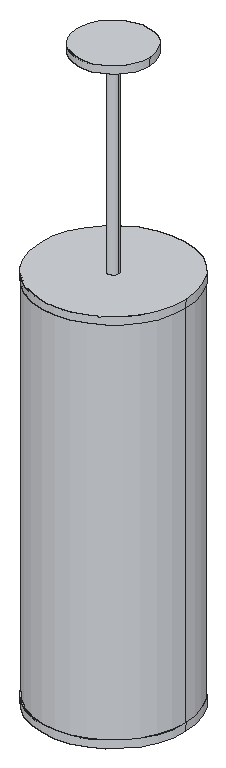
Revit family "2069", category Lighting Fixtures, Revit 2016
Family settings
  Part Type = Normal
  Round Connector Dimension = Use Diameter
  OmniClass Number = 23.80.70.00
  OmniClass Title = Lighting
  Work Plane-Based = No
  Always vertical = Yes
  Cut with Voids When Loaded = No
  Light Source = Yes
  Shared = No
  Room Calculation Point = No
Parameters
  Wattage = 12.1178 W
  built-in parameter 1150110 = 1 (stored number, unit not read)
  built-in parameter 1114217 = 1 (stored number, unit not read)
  built-in parameter 1150109 = 1 (stored number, unit not read)
  built-in parameter 1150134 = (empty or 0)
  built-in parameter 1150113 = 1 (stored number, unit not read)
  Lumens = 1800 lm
  built-in parameter 1150115 = 1 (stored number, unit not read)
  built-in parameter 1150105 = 143.24 (stored number, unit not read)
  Light Source Symbol Size = 2' - 0"
  built-in parameter 1150137 = (empty or 0)
  built-in parameter 1150139 = (empty or 0)
  built-in parameter 1150112 = 1 (stored number, unit not read)
  built-in parameter 1150114 = 1 (stored number, unit not read)
  built-in parameter 1150132 = 2
  built-in parameter 1150102 = (empty or 0)
  built-in parameter 1150138 = (empty or 0)
  built-in parameter 1150107 = 3000 (stored number, unit not read)
  built-in parameter 1150106 = 1.4324 (stored number, unit not read)
  built-in parameter 1150104 = 13.8 (stored number, unit not read)
  Dimming Lamp Color Temperature Shift = (empty or 0)
  Color Filter = 16777215
  built-in parameter 1114218 = 1 (stored number, unit not read)
  built-in parameter 1150133 = 10 (stored number, unit not read)
Reference planes (in)
  plane 1 "Light Source Axis (F/B)": y = 0
  plane 2: z = 0
  plane 3 "Light Source Axis (L/R)": x = 0
  plane 4 "Light Source Elevation": z = 0
  plane 5: z = 0.5
  plane 6: z = 26
  plane 7: z = 26.5
  plane 8: z = 40
Forms (in)
  Extrusion 1, solid
    sketch origin (0, 0, 0) x (1, 0, 0) y (0, 1, 0)
      loop
        circle (0, 0) r 5
      loop
        circle (0, 0) r 4.9
    from 0 to 0.5
  Extrusion 2, solid
    sketch origin (-9.11647, -180, 0.5) x (-1, 0, 0) y (0, -1, 0)
      loop
        circle (-9.11647, -180) r 4.95
      loop
        circle (-9.11647, -180) r 4.9
    from 0 to 25.5
  Extrusion 3, solid
    sketch origin (-4.95, -180, 26) x (-1, 0, 0) y (0, -1, 0)
      loop
        circle (-4.95, -180) r 5
    from 0 to 0.5
  Extrusion 4, solid
    sketch origin (-4.65781, -180, 26.5) x (-1, 0, 0) y (0, -1, 0)
      loop
        circle (-4.65781, -180) r 0.375
    from 0 to 13.5
  Extrusion 5, solid
    sketch origin (-0.4352, -180, 40) x (-1, 0, 0) y (0, -1, 0)
      loop
        circle (-0.4352, -180) r 2.5
    from 0 to 0.5
Dimensions and locks (in)
  aligned and locked: plane 3 "Light Source Axis (L/R)" to imposter light
  aligned and locked: plane 1 "Light Source Axis (F/B)" to imposter light
  aligned and locked: plane 4 "Light Source Elevation" to imposter light
  aligned and locked: level to plane 2
